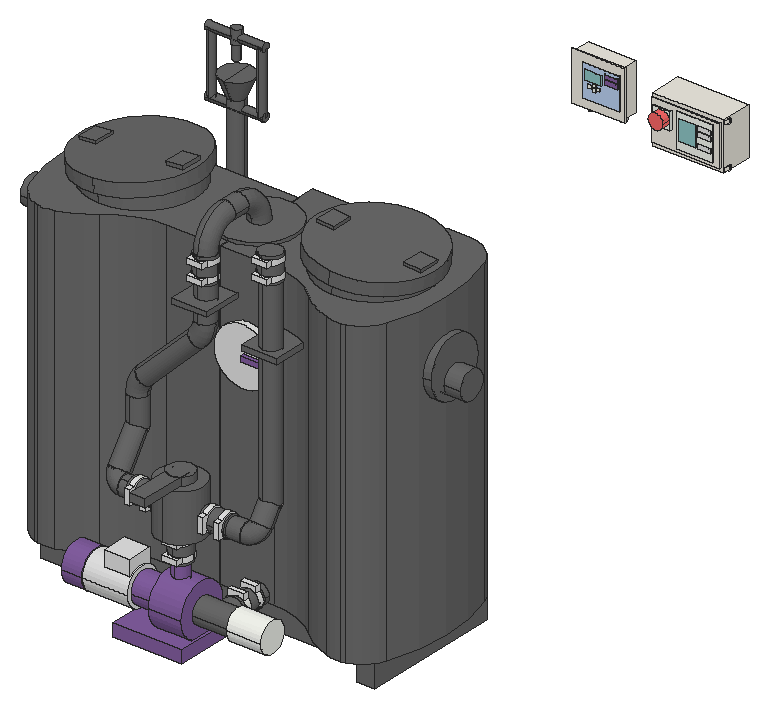
Revit family "93002.02_ms", category Generic Models, Revit 2021
Family settings
  Can host rebar = No
  Round Connector Dimension = Use Diameter
  Part Type = Normal
  Work Plane-Based = No
  Always vertical = Yes
  Cut with Voids When Loaded = No
  Shared = Yes
  Room Calculation Point = No
Parameters (values of type "93002.02_MS")
  SUPPLIER = "KESSEL"
  SA810ID06 = "4026092065013"
  SA810ID03 = "93002.02/MS"
  SA71009ID06 = 3000 W
  SA71009ID05 = 3600 W
  SA71009ID04 = 1
  SA700ID17 = 1055 mm
  SA700ID14 = "ohne Angabe"
  SA700ID13 = 70 mm
  SA700ID09 = 1458 mm
  SA700ID08 = 680 mm
  SA700ID07 = 1500 mm
  SA700ID06 = 200
  SA700ID05 = 2
  SA700ID04 = "Grease separator EasyClean free NS 2, Mix & Pump, SonicControl"
  SA500ID03 = "Sludge trap, integrated"
  SA400ID03 = "PE (Polyethylen)"
  SA250ID03 = "temperierte Umhausung"
  SA200ID03 = "free-standing set-up"
  SA100ID04 = "Abscheideranlage für Fette (Schlammfang und Fettabscheider)"
  PROCUREWEBLINK = "https://p.caden.as/kessel/93002.02%2FMS"
  PROCURELINK = "p.caden.as/kessel/93002.02%2FMS"
  PROCUREDATALASTUPDATE = "2024-05-22T12:18:14.168539057+01:00"
  PRC_SPECIFICATIONLINK = "https://ausschreiben.de/catalog/kessel/catalogItem/4a01b608-8c46-4a57-96a5-b04af733ebcd"
  NN = "EasyClean free Mix & Pump grease separator"
  NBSYN = "$SA810ID03."
  NB = "93002.02/MS"
  Model = "93002.02/MS"
  Manufacturer = "KESSEL"
  MIdent = "{$CADENAS_DATA/23d-libs/kessel/kessel_vdi_import/40/abscheideranlage20fuer20fette/easyclean_free_mix_pump.prj},210 {STYP=ASS},{VTYP=3D},{NB=93002.02/MS},{LINA=93002.02/MS},{NN=EasyClean free Mix & Pump grease separator},{DATE=21.12.2022 12:04:43},{GEOMDATE=17.11.2022 09:57:07},{VERSION=},{LINEID=160},{WBVAR=},{WBNUMERIC=}  {NB=93002.02/MS},{LINA=93002.02/MS},{KT=DUMMY},{PREVIEW=../../bilder/ksb_w_9300202ms.png},{SA700ID04=Fettabscheider EasyClean free NS 2, Mix & Pump, SonicControl},{SA810ID06=4026092065013},{SA010ID04=KESSEL AG},{SA810ID03=93002.02/MS},{SA100ID04=Abscheideranlage für Fette (Schlammfang und Fettabscheider)},{SA200ID03=Freiaufstellung},{SA400ID03=PE (Polyethylen)},{SA500ID03=Schlammfang integriert},{SA700ID05=2.00},{SA700ID06=200},{SA71009ID04=1},{SA71009ID05=3.60},{SA71009ID06=3.00},{SA250ID03=temperierte Umhausung},{SA700ID07=1500},{SA700ID09=1458},{SA700ID13=70},{SA700ID17=1055},{SA700ID08=680},{SA810ID10=\\\"Der Abscheider für fetthaltiges Abwasser ist für die freie Aufstellung in frostgeschützten Räumen geeignet und verzichtet auf metallische Bauteile im Behälter. Der Sammelbehälter aus dauerhaft beständigem Kunststoff (PE) ist mit einem integrierten Schlammfang ausgestattet und besitzt ein konisch zulaufendes Bodenteil für eine schnelle und saubere Entsorgung. Zwei geruchsdichte Deckel mit Schnellspannverschlüssen ermöglichen einen einfachen Zugang für Reinigungs- und Wartungsarbeiten.Das innovative Schredder-Mix-System mit integriertem Zerhacker übernimmt die Homogenisierung und Umwälzung des Behälterinhaltes. Die Reinigung und geruchsneutrale Entsorgung erfolgt dabei über eine außenliegende Pumpe mit 2-Wege-Ventil und Umschalthebel, die mit einem Absperrschieber vom Behälter getrennt werden kann. Nach der Entsorgung sind nur noch max. 3 Liter Schlammrestvolumen im Behälter vorhanden.Die manuelle Steuerung erfolgt durch ein anwenderfreundliches Schaltgerät, das über einen potentialfreien Kontakt in die Gebäudeleittechnik eingebunden werden kann.Gewährleistung auf den Werkstoff PE 20 Jahre.Ausführung:Absperreinrichtung: jaEntsorgungsart: manuelles Entsorgungs- und ReinigungssystemEntsorgungseinrichtung: EntsorgungspumpeEntsorgungsvariante: Mix & PumpFülleinrichtung nach DIN 1988: jaNenngröße (NS): 2Schauglas: jaSchredder-Mix-System: jaSonicControl: jaWasserversorgung: 1 Schraubventil 1\\\"\\\"Tragfähigkeit (DIN 19901): F3Lieferumfang: Storz-B-Kupplung R 2 1/2 \\\"\\\" für SaugwagenanschlussEinbausituation: freie AufstellungAllgemeine Merkmale:Material: PENorm: EN 1825: 2004, DIN 4040-100Abmessungen:Aufstellfläche Länge: 1.736 mmAufstellfläche Breite: 841 mmAufstellfläche Höhe: 1.767 mmEinbringmaß Länge: 1.500 mmEinbringmaß Breite: 680 mmEinbringmaß Höhe: 1.458 mmBehälter/Grundkörper:Zulauf Nennweite (DN): 100 mmZulauf Nennweite (DA): 110 mmAuslauf Nennweite (DN): 100Auslauf Nennweite (DA): 110Abstand Rohrsohle Zulauf zu Behälterboden: 1.055 mmAbstand Rohrsohle Auslauf zu Behälterboden: 985 mmAnschluss Zu-/Auslaufstutzen: PE-HD-Rohre nach DIN 19537, HT-Rohre nach DIN 19560, PP oder ASDruckabgang (DA): 75 mmDruckabgang (DN): 65 mmNenndruck (PN): 10Abdeckungsmerkmale:Abdeckungsart: DeckelAbdeckung Material: KunststoffAbdeckung Farbe: violettDichtheit: geruchsdichtVerriegelung: SchnellspannverschlussAbwasserinhalt:Abscheiderinhalt: 400 lGesamtvolumen: 600 lSchlammfanginhalt: 200 lSpeichermenge an Fett: 100 lFördereinrichtung:Pumpe: SPF 300 KE 2.0Anzahl Pumpen: 1Förderhöhe max.: 17 mFörderleistung max.: 60 m3/hBetriebsspannung: 400 VNetzfrequenz: 50 HzBetriebsart: S2 - 30 Min.Leistung P1: 3,6 kWLeistung P2: 3 kWDrehzahl: 2.850 U/minErforderliche Absicherung (Leitungsschutz): Absicherung über Schaltgerät 400 VFörderguttemperatur (dauerhaft) max.: 40 °CAnschlusstyp: DirektanschlussGewicht: 44 kgLaufrad Typ: Radiallaufrad mit ZerhackerLänge Netzanschlussleitung Pumpe: 5 mNennstrom: 6,2 ASchutzart Pumpe: IP 55Schutzklasse: ITyp Anschlussleitung Pumpe: H07RN-F 7G 1,5 mm2Temperaturüberwachung: integriertSteuerung:Schaltgerät: jaBetriebsspannung: 400 VNetzfrequenz: 50 HzSelbstdiagnosesystem (SDS): jaBatteriepufferung: neinMehrzeilige Displayanzeige: neinLogbuchfunktion: neinUSB-Schnittstelle: neinGSM-Schnittstelle: neinPotentialfreier Kontakt: jaErforderliche Absicherung (Leitungsschutz): 3 x C 16 AErforderliche Absicherung (RCD): 30 mAMotorschutz Schalter: jaSchutzart Schaltgerät: IP 54\\\"},{SA700ID14=ohne Angabe},{LODLEVEL=0},{CATEGORY3AA=},{CATEGORY3AB=EasyClean free Mix & Pump},{CATEGORY3AC=},{CATEGORY3AD=},{CATEGORY3AE=},{CATEGORY3AF=},{BEZEICHNUNG=},{BREITE=0.0},{TIEFE=MIN},{HOEHE=MIN},{MASSE=MIN},{LOD_=0,'Low'},{LOD_DEU=0,'Low'},{LOD_3DB=93002.02/MS_0},{DNIN1=100},{DNIN2=10},{DNIN3=10},{DNIN4=10},{DNIN5=MIN},{DNIN6=MIN},{DNIN7=MIN},{DNOUT1=100},{DNOUT2=50},{ISD=80},{ISD2=10},{SA960ID03=95},{SA960ID04=3L},{SA960ID08=http://www.kessel.de/info?han=93002.02/MS},{SA010ID01=010},{SA010ID02=40},{SA010ID06=www.kessel.de},{SA010ID08=4026092000007},{SA100ID01=100},{SA100ID02=1},{SA740ID01=740},{SA200ID01=200},{SA200ID02=1},{SA250ID01=250},{SA250ID02=1},{SA400ID01=400},{SA400ID02=1},{SA500ID01=500},{SA500ID02=1},{SA700ID01=700},{SA700ID02=95},{SA700ID14_=0},{SA71009ID01=710.09},{SA71009ID02=1},{SA71009ID03=SPF 300 KE 2.0},{SA71009ID07=IP55},{SA71009ID08=1},{SA71009ID09=1},{SA71009ID10=60},{SA71009ID11=17},{SA810ID01=810},{SA810ID02=95},{SA810ID04=93002.02/MS},{SA810ID07=95},{SA810ID14=PCE},{LINK=http://www.kessel.de/info?han=93002.02/MS},{LINK_=http://www.kessel.de/info?han=93002.02/MS},{LINK_DEU=http://www.kessel.de/info?han=93002.02/MS},{LODLEVELVIS=Low}"
  LINK = "http://www.kessel.de/info?han=93002.02/MS"
  LINA = "93002.02/MS"
  Default Elevation = 0 mm
  CREATOR = "CADENAS GmbH"
  CATALOG = "KESSEL"
  BOMINFO = "LINA"
  ARTICLENO = "NB"
Reference planes
  plane 1 "Center (Front/Back)": y = 0
  plane 2: z = 0
  plane 3 "Center (Left/Right)": x = 0
Dimensions and locks
  aligned and locked: level to plane 2
Nested families
  nested 1: "93002.02_ms_content" at (0, 0, 0), type "93002.02_MS_Content"
  nested 2: "93002.02_ms_part1_X0Y0" at (1000, 1000, 1500), type "93002.02_MS_PART1_X0Y0"
  nested 3: "93002.02_ms_part2_X0Y0" at (600, 1000, 1500), type "93002.02_MS_PART2_X0Y0"
  nested 4: "93002.02_ms_part3_X0Y0" at (0, 0, 0), type "93002.02_MS_PART3_X0Y0"
Connectors
  electrical at (910.5, 933.5, 1478)
    settings: on nested 2, index 1, voltage 0 V, apparent load 0 VA, apparent load phase1 0 VA, apparent load phase2 0 VA, apparent load phase3 0 VA, power factor 1, load classification "Other", number of poles 1, system type 31, power factor state 1, is connector primary yes, connector utility no, sub classification motor no, connector description ""
  electrical at (536, 972.5, 1469)
    settings: on nested 3, index 2, voltage 0 V, apparent load 0 VA, apparent load phase1 0 VA, apparent load phase2 0 VA, apparent load phase3 0 VA, power factor 1, load classification "Other", number of poles 1, system type 31, power factor state 1, is connector primary no, connector utility no, sub classification motor no, connector description ""
  piping at (-897.6, 0, 1113), diameter 100
    settings: on nested 4, index 3, connector inside diameter 609.6 mm, connector length 0 mm, flow factor 0, pipe flow 0.0 L/s, pressure drop 0.0 Pa, fitting loss kfactor 0, connector angle 0.00°, fixture units 0, engagement length 0 mm, angle of deflection 0.00°, flow configuration 0, flow direction 1, fitting loss method 2, system type 8, joint type 0, gender type 0, connector reference index -1, connector utility 0, adjustable connector no, is connector primary yes, connector description ""
  piping at (-305, 275, 1772.9), diameter 10
    settings: on nested 4, index 4, connector inside diameter 609.6 mm, connector length 0 mm, flow factor 0, pipe flow 0.0 L/s, pressure drop 0.0 Pa, fitting loss kfactor 0, connector angle 0.00°, fixture units 0, engagement length 0 mm, angle of deflection 0.00°, flow configuration 0, flow direction 1, fitting loss method 2, system type 8, joint type 0, gender type 0, connector reference index -1, connector utility 0, adjustable connector no, is connector primary no, connector description ""
  piping at (844, 0, 1030), diameter 100
    settings: on nested 4, index 5, connector inside diameter 609.6 mm, connector length 0 mm, flow factor 0, pipe flow 0.0 L/s, pressure drop 0.0 Pa, fitting loss kfactor 0, connector angle 0.00°, fixture units 0, engagement length 0 mm, angle of deflection 0.00°, flow configuration 0, flow direction 2, fitting loss method 2, system type 7, joint type 0, gender type 0, connector reference index -1, connector utility 0, adjustable connector no, is connector primary no, connector description ""
  piping at (290, -301.5, 1445.5), diameter 50
    settings: on nested 4, index 6, connector inside diameter 609.6 mm, connector length 0 mm, flow factor 0, pipe flow 0.0 L/s, pressure drop 0.0 Pa, fitting loss kfactor 0, connector angle 0.00°, fixture units 0, engagement length 0 mm, angle of deflection 0.00°, flow configuration 0, flow direction 2, fitting loss method 2, system type 7, joint type 0, gender type 0, connector reference index -1, connector utility 0, adjustable connector no, is connector primary no, connector description ""
  electrical at (-212, -383, 248.5)
    settings: on nested 4, index 7, voltage 0 V, apparent load 0 VA, apparent load phase1 0 VA, apparent load phase2 0 VA, apparent load phase3 0 VA, power factor 1, load classification "Other", number of poles 1, system type 31, power factor state 1, is connector primary no, connector utility no, sub classification motor no, connector description ""
Definition of nested family "93002.02_ms_part1_X0Y0"
  Parameters (values of type "93002.02_MS_PART1_X0Y0")
    SUPPLIER = "KESSEL"
    SA810ID06 = "4026092065013"
    SA810ID03 = "93002.02/MS"
    SA71009ID06 = 3000 W
    SA71009ID05 = 3600 W
    SA71009ID04 = 1
    SA700ID17 = 1055 mm
    SA700ID14 = "ohne Angabe"
    SA700ID13 = 70 mm
    SA700ID09 = 1458 mm
    SA700ID08 = 680 mm
    SA700ID07 = 1500 mm
    SA700ID06 = 200
    SA700ID05 = 2
    SA700ID04 = "Grease separator EasyClean free NS 2, Mix & Pump, SonicControl"
    SA500ID03 = "Sludge trap, integrated"
    SA400ID03 = "PE (Polyethylen)"
    SA250ID03 = "temperierte Umhausung"
    SA200ID03 = "free-standing set-up"
    SA100ID04 = "Abscheideranlage für Fette (Schlammfang und Fettabscheider)"
    NBSYN = "$SA810ID03._PART1"
    NB = "93002.02/MS_PART1"
    Model = "93002.02/MS_PART1"
    Manufacturer = "KESSEL"
    MIdent = "{$CADENAS_DATA/23d-libs/kessel/kessel_vdi_import/40/abscheideranlage20fuer20fette/easyclean_free_mix_pump.prj},230 {VTYP=3D},{NB=93002.02/MS_PART1},{LINA=93002.02/MS_PART1},{NN=EasyClean free Mix & Pump grease separator_PART1},{NOPRJ=TRUE},{DATE=21.12.2022 12:04:43},{GEOMDATE=17.11.2022 09:57:07},{VERSION=},{LINEID=160},{WBVAR=},{WBNUMERIC=}  {NB=93002.02/MS_PART1},{LINA=93002.02/MS_PART1},{KT=DUMMY},{PREVIEW=../../bilder/ksb_w_9300202ms.png},{SA700ID04=Fettabscheider EasyClean free NS 2, Mix & Pump, SonicControl},{SA810ID06=4026092065013},{SA010ID04=KESSEL AG},{SA810ID03=93002.02/MS},{SA100ID04=Abscheideranlage für Fette (Schlammfang und Fettabscheider)},{SA200ID03=Freiaufstellung},{SA400ID03=PE (Polyethylen)},{SA500ID03=Schlammfang integriert},{SA700ID05=2.00},{SA700ID06=200},{SA71009ID04=1},{SA71009ID05=3.60},{SA71009ID06=3.00},{SA250ID03=temperierte Umhausung},{SA700ID07=1500},{SA700ID09=1458},{SA700ID13=70},{SA700ID17=1055},{SA700ID08=680},{SA810ID10=\\\"Der Abscheider für fetthaltiges Abwasser ist für die freie Aufstellung in frostgeschützten Räumen geeignet und verzichtet auf metallische Bauteile im Behälter. Der Sammelbehälter aus dauerhaft beständigem Kunststoff (PE) ist mit einem integrierten Schlammfang ausgestattet und besitzt ein konisch zulaufendes Bodenteil für eine schnelle und saubere Entsorgung. Zwei geruchsdichte Deckel mit Schnellspannverschlüssen ermöglichen einen einfachen Zugang für Reinigungs- und Wartungsarbeiten.Das innovative Schredder-Mix-System mit integriertem Zerhacker übernimmt die Homogenisierung und Umwälzung des Behälterinhaltes. Die Reinigung und geruchsneutrale Entsorgung erfolgt dabei über eine außenliegende Pumpe mit 2-Wege-Ventil und Umschalthebel, die mit einem Absperrschieber vom Behälter getrennt werden kann. Nach der Entsorgung sind nur noch max. 3 Liter Schlammrestvolumen im Behälter vorhanden.Die manuelle Steuerung erfolgt durch ein anwenderfreundliches Schaltgerät, das über einen potentialfreien Kontakt in die Gebäudeleittechnik eingebunden werden kann.Gewährleistung auf den Werkstoff PE 20 Jahre.Ausführung:Absperreinrichtung: jaEntsorgungsart: manuelles Entsorgungs- und ReinigungssystemEntsorgungseinrichtung: EntsorgungspumpeEntsorgungsvariante: Mix & PumpFülleinrichtung nach DIN 1988: jaNenngröße (NS): 2Schauglas: jaSchredder-Mix-System: jaSonicControl: jaWasserversorgung: 1 Schraubventil 1\\\"\\\"Tragfähigkeit (DIN 19901): F3Lieferumfang: Storz-B-Kupplung R 2 1/2 \\\"\\\" für SaugwagenanschlussEinbausituation: freie AufstellungAllgemeine Merkmale:Material: PENorm: EN 1825: 2004, DIN 4040-100Abmessungen:Aufstellfläche Länge: 1.736 mmAufstellfläche Breite: 841 mmAufstellfläche Höhe: 1.767 mmEinbringmaß Länge: 1.500 mmEinbringmaß Breite: 680 mmEinbringmaß Höhe: 1.458 mmBehälter/Grundkörper:Zulauf Nennweite (DN): 100 mmZulauf Nennweite (DA): 110 mmAuslauf Nennweite (DN): 100Auslauf Nennweite (DA): 110Abstand Rohrsohle Zulauf zu Behälterboden: 1.055 mmAbstand Rohrsohle Auslauf zu Behälterboden: 985 mmAnschluss Zu-/Auslaufstutzen: PE-HD-Rohre nach DIN 19537, HT-Rohre nach DIN 19560, PP oder ASDruckabgang (DA): 75 mmDruckabgang (DN): 65 mmNenndruck (PN): 10Abdeckungsmerkmale:Abdeckungsart: DeckelAbdeckung Material: KunststoffAbdeckung Farbe: violettDichtheit: geruchsdichtVerriegelung: SchnellspannverschlussAbwasserinhalt:Abscheiderinhalt: 400 lGesamtvolumen: 600 lSchlammfanginhalt: 200 lSpeichermenge an Fett: 100 lFördereinrichtung:Pumpe: SPF 300 KE 2.0Anzahl Pumpen: 1Förderhöhe max.: 17 mFörderleistung max.: 60 m3/hBetriebsspannung: 400 VNetzfrequenz: 50 HzBetriebsart: S2 - 30 Min.Leistung P1: 3,6 kWLeistung P2: 3 kWDrehzahl: 2.850 U/minErforderliche Absicherung (Leitungsschutz): Absicherung über Schaltgerät 400 VFörderguttemperatur (dauerhaft) max.: 40 °CAnschlusstyp: DirektanschlussGewicht: 44 kgLaufrad Typ: Radiallaufrad mit ZerhackerLänge Netzanschlussleitung Pumpe: 5 mNennstrom: 6,2 ASchutzart Pumpe: IP 55Schutzklasse: ITyp Anschlussleitung Pumpe: H07RN-F 7G 1,5 mm2Temperaturüberwachung: integriertSteuerung:Schaltgerät: jaBetriebsspannung: 400 VNetzfrequenz: 50 HzSelbstdiagnosesystem (SDS): jaBatteriepufferung: neinMehrzeilige Displayanzeige: neinLogbuchfunktion: neinUSB-Schnittstelle: neinGSM-Schnittstelle: neinPotentialfreier Kontakt: jaErforderliche Absicherung (Leitungsschutz): 3 x C 16 AErforderliche Absicherung (RCD): 30 mAMotorschutz Schalter: jaSchutzart Schaltgerät: IP 54\\\"},{SA700ID14=ohne Angabe},{LODLEVEL=0},{CATEGORY3AA=},{CATEGORY3AB=EasyClean free Mix & Pump},{CATEGORY3AC=},{CATEGORY3AD=},{CATEGORY3AE=},{CATEGORY3AF=},{BEZEICHNUNG=},{BREITE=0.0},{TIEFE=MIN},{HOEHE=MIN},{MASSE=MIN},{LOD_=0,'Low'},{LOD_DEU=0,'Low'},{LOD_3DB=93002.02/MS_0},{DNIN1=100},{DNIN2=10},{DNIN3=10},{DNIN4=10},{DNIN5=MIN},{DNIN6=MIN},{DNIN7=MIN},{DNOUT1=100},{DNOUT2=50},{ISD=80},{ISD2=10},{SA960ID03=95},{SA960ID04=3L},{SA960ID08=http://www.kessel.de/info?han=93002.02/MS},{SA010ID01=010},{SA010ID02=40},{SA010ID06=www.kessel.de},{SA010ID08=4026092000007},{SA100ID01=100},{SA100ID02=1},{SA740ID01=740},{SA200ID01=200},{SA200ID02=1},{SA250ID01=250},{SA250ID02=1},{SA400ID01=400},{SA400ID02=1},{SA500ID01=500},{SA500ID02=1},{SA700ID01=700},{SA700ID02=95},{SA700ID14_=0},{SA71009ID01=710.09},{SA71009ID02=1},{SA71009ID03=SPF 300 KE 2.0},{SA71009ID07=IP55},{SA71009ID08=1},{SA71009ID09=1},{SA71009ID10=60},{SA71009ID11=17},{SA810ID01=810},{SA810ID02=95},{SA810ID04=93002.02/MS},{SA810ID07=95},{SA810ID14=PCE},{LINK=http://www.kessel.de/info?han=93002.02/MS},{LINK_=http://www.kessel.de/info?han=93002.02/MS},{LINK_DEU=http://www.kessel.de/info?han=93002.02/MS},{LODLEVELVIS=Low}"
    LINK = "http://www.kessel.de/info?han=93002.02/MS"
    LINA = "93002.02/MS_PART1"
    Default Elevation = 1219.2 mm
    CREATOR = "CADENAS GmbH"
    CATALOG = "KESSEL"
    BOMINFO = "LINA"
    ARTICLENO = "NB"
  Reference planes
    plane 1 "Center (Front/Back)": y = 0
    plane 2: z = 0
    plane 3 "Center (Left/Right)": x = 0
  Dimensions and locks
    aligned and locked: level to plane 2
  Nested families
    nested 1: "93002.02_ms_part1_content" at (0, 0, 0), type "93002.02_MS_PART1_Content"
  Definition of nested family "93002.02_ms_part1_content"
    Parameters (values of type "93002.02_MS_PART1_Content")
      SUPPLIER = "KESSEL"
      SA810ID06 = "4026092065013"
      SA810ID03 = "93002.02/MS"
      SA71009ID06 = 3000 W
      SA71009ID05 = 3600 W
      SA71009ID04 = 1
      SA700ID17 = 1055 mm
      SA700ID14 = "ohne Angabe"
      SA700ID13 = 70 mm
      SA700ID09 = 1458 mm
      SA700ID08 = 680 mm
      SA700ID07 = 1500 mm
      SA700ID06 = 200
      SA700ID05 = 2
      SA700ID04 = "Grease separator EasyClean free NS 2, Mix & Pump, SonicControl"
      SA500ID03 = "Sludge trap, integrated"
      SA400ID03 = "PE (Polyethylen)"
      SA250ID03 = "temperierte Umhausung"
      SA200ID03 = "free-standing set-up"
      SA100ID04 = "Abscheideranlage für Fette (Schlammfang und Fettabscheider)"
      NBSYN = "$SA810ID03._PART1"
      NB = "93002.02/MS_PART1"
      Model = "93002.02/MS_PART1"
      Manufacturer = "KESSEL"
      LINK = "http://www.kessel.de/info?han=93002.02/MS"
      LINA = "93002.02/MS_PART1"
      Default Elevation = 1219.2 mm
      CREATOR = "CADENAS GmbH"
      CATALOG = "KESSEL"
      BOMINFO = "LINA"
      ARTICLENO = "NB"
    Reference planes
      plane 1 "Center (Front/Back)": y = 0
      plane 2: z = 0
      plane 3 "Center (Left/Right)": x = 0
    Forms (mm)
      Extrusion 1, solid, detail levels medium+fine
        sketch origin (139, 0, 0) x (0, -1, 0) y (0, 0, 1)
          loop
            line (0, 188) -> (0, 0) -> (122.5, 0) -> (122.5, 188) -> (0, 188)
        from 0 to 278
      Extrusion 2, solid, detail levels medium+fine
        sketch origin (130, -122.5, 14) x (0, -1, 0) y (0, 0, 1)
          loop
            line (0, 160) -> (0, 0) -> (5, 0) -> (5, 160) -> (0, 160)
        from 0 to 269
      Extrusion 3, solid, detail levels medium+fine
        sketch origin (100, -127.5, 26) x (0, -1, 0) y (0, 0, 1)
          loop
            line (-1.5, 135) -> (-1.5, 0) -> (0.2, 0) -> (0.2, 135) -> (-1.5, 135)
        from 0 to 140
      Extrusion 4, solid, detail levels medium+fine
        sketch origin (32.5, -127.7, 55) x (0, -1, 0) y (0, 0, 1)
          loop
            line (-1.5, 79) -> (-1.5, 0) -> (0.1, 0) -> (0.1, 79) -> (-1.5, 79)
        from 0 to 65
      Extrusion 5, solid, detail levels medium+fine
        sketch origin (92.5, -127.7, 97) x (0, -1, 0) y (0, 0, 1)
          loop
            line (-1.5, 16) -> (-1.5, 0) -> (0.1, 0) -> (0.1, 16) -> (-1.5, 16)
        from 0 to 51
      Extrusion 6, solid, detail levels medium+fine
        sketch origin (92.5, -127.7, 55) x (0, -1, 0) y (0, 0, 1)
          loop
            line (-1.5, 16) -> (-1.5, 0) -> (0.1, 0) -> (0.1, 16) -> (-1.5, 16)
        from 0 to 51
      Extrusion 7, solid, detail levels medium+fine
        sketch origin (92.5, -127.7, 118) x (0, -1, 0) y (0, 0, 1)
          loop
            line (-1.5, 16) -> (-1.5, 0) -> (0.1, 0) -> (0.1, 16) -> (-1.5, 16)
        from 0 to 51
      Extrusion 8, solid, detail levels medium+fine
        sketch origin (0.25, -66.5, 1.5) x (0.866025, 0.5, 0) y (0.5, -0.866025, 0)
          loop
            circle (0, 0) r 10
        from 0 to 2.5
      Extrusion 9, solid, detail levels medium+fine
        sketch origin (-63, -127.5, 84) x (0, -1, 0) y (0, 0, 1)
          loop
            line (0, 67) -> (0, 0) -> (7, 0) -> (7, 67) -> (0, 67)
        from 0 to 67
      Extrusion 10, solid, detail levels medium+fine
        sketch origin (-96.5, -134.5, 117.5) x (1, 0, 0) y (0, 0, 1)
          loop
            circle (0, 0) r 29.5
        from 0 to 29
      Extrusion 11, solid, detail levels medium+fine
        sketch origin (30.25, -66.5, 1.5) x (0.866025, 0.5, 0) y (0.5, -0.866025, 0)
          loop
            circle (0, 0) r 10
        from 0 to 2.5
      Extrusion 12, solid, detail levels medium+fine
        sketch origin (60.25, -66.5, 1.5) x (0.866025, 0.5, 0) y (0.5, -0.866025, 0)
          loop
            circle (0, 0) r 10
        from 0 to 2.5
      Extrusion 13, solid, detail levels medium+fine
        sketch origin (-44.5, -66.5, 0) x (0.866025, 0.5, 0) y (0.5, -0.866025, 0)
          loop
            line (0, 17.321) -> (-15, 8.66) -> (-15, -8.66) -> (0, -17.321) -> (15, -8.66) -> (15, 8.66) -> (0, 17.321)
        from 0 to 22
      Extrusion 14, solid, detail levels medium+fine
        sketch origin (-89.5, -66.5, 0) x (0.866025, 0.5, 0) y (0.5, -0.866025, 0)
          loop
            line (0, 17.321) -> (-15, 8.66) -> (-15, -8.66) -> (0, -17.321) -> (15, -8.66) -> (15, 8.66) -> (0, 17.321)
        from 0 to 22
      Extrusion 15, solid, detail levels medium+fine
        sketch origin (-128, 0, 177) x (-1, 0, 0) y (0, 0, 1)
          loop
            circle (0, 0) r 7.5
        from 0 to 2
      Extrusion 16, solid, detail levels medium+fine
        sketch origin (-128, 0, 11) x (-1, 0, 0) y (0, 0, 1)
          loop
            circle (0, 0) r 7.5
        from 0 to 2
      Extrusion 17, solid, detail levels medium+fine
        sketch origin (128, 0, 11) x (-1, 0, 0) y (0, 0, 1)
          loop
            circle (0, 0) r 7.5
        from 0 to 2
      Extrusion 18, solid, detail levels medium+fine
        sketch origin (128, 0, 177) x (-1, 0, 0) y (0, 0, 1)
          loop
            circle (0, 0) r 7.5
        from 0 to 2
      Extrusion 19, solid, detail levels medium+fine
        sketch origin (143.5, -100.5, 170) x (-1, 0, 0) y (0, -1, 0)
          loop
            circle (0, 0) r 5
        from 0 to 14
      Extrusion 20, solid, detail levels medium+fine
        sketch origin (139, -100.5, 170) x (0, -1, 0) y (1, 0, 0)
          loop
            line (0, 9.5) -> (0, 0) -> (20, 0) -> (0, 9.5)
        from 0 to 14
      Extrusion 21, solid, detail levels medium+fine
        sketch origin (143.5, -100.5, 4) x (-1, 0, 0) y (0, -1, 0)
          loop
            circle (0, 0) r 5
        from 0 to 14
      Extrusion 22, solid, detail levels medium+fine
        sketch origin (139, -100.5, 4) x (0, -1, 0) y (1, 0, 0)
          loop
            line (0, 9.5) -> (0, 0) -> (20, 0) -> (0, 9.5)
        from 0 to 14
      Extrusion 23, solid, detail levels coarse
        sketch origin (4.75, -80.75, -22) x (1, 0, 0) y (0, 1, 0)
          loop
            line (-143.75, -82.75) -> (143.75, -82.75) -> (143.75, 82.75) -> (-143.75, 82.75) -> (-143.75, -82.75)
        from 0 to 210
    Dimensions and locks
      aligned and locked: level to plane 2
Definition of nested family "93002.02_ms_part2_X0Y0"
  Parameters (values of type "93002.02_MS_PART2_X0Y0")
    SUPPLIER = "KESSEL"
    SA810ID06 = "4026092065013"
    SA810ID03 = "93002.02/MS"
    SA71009ID06 = 3000 W
    SA71009ID05 = 3600 W
    SA71009ID04 = 1
    SA700ID17 = 1055 mm
    SA700ID14 = "ohne Angabe"
    SA700ID13 = 70 mm
    SA700ID09 = 1458 mm
    SA700ID08 = 680 mm
    SA700ID07 = 1500 mm
    SA700ID06 = 200
    SA700ID05 = 2
    SA700ID04 = "Grease separator EasyClean free NS 2, Mix & Pump, SonicControl"
    SA500ID03 = "Sludge trap, integrated"
    SA400ID03 = "PE (Polyethylen)"
    SA250ID03 = "temperierte Umhausung"
    SA200ID03 = "free-standing set-up"
    SA100ID04 = "Abscheideranlage für Fette (Schlammfang und Fettabscheider)"
    NBSYN = "$SA810ID03._PART2"
    NB = "93002.02/MS_PART2"
    Model = "93002.02/MS_PART2"
    Manufacturer = "KESSEL"
    MIdent = "{$CADENAS_DATA/23d-libs/kessel/kessel_vdi_import/40/abscheideranlage20fuer20fette/easyclean_free_mix_pump.prj},230 {VTYP=3D},{NB=93002.02/MS_PART2},{LINA=93002.02/MS_PART2},{NN=EasyClean free Mix & Pump grease separator_PART2},{NOPRJ=TRUE},{DATE=21.12.2022 12:04:43},{GEOMDATE=17.11.2022 09:57:07},{VERSION=},{LINEID=160},{WBVAR=},{WBNUMERIC=}  {NB=93002.02/MS_PART2},{LINA=93002.02/MS_PART2},{KT=DUMMY},{PREVIEW=../../bilder/ksb_w_9300202ms.png},{SA700ID04=Fettabscheider EasyClean free NS 2, Mix & Pump, SonicControl},{SA810ID06=4026092065013},{SA010ID04=KESSEL AG},{SA810ID03=93002.02/MS},{SA100ID04=Abscheideranlage für Fette (Schlammfang und Fettabscheider)},{SA200ID03=Freiaufstellung},{SA400ID03=PE (Polyethylen)},{SA500ID03=Schlammfang integriert},{SA700ID05=2.00},{SA700ID06=200},{SA71009ID04=1},{SA71009ID05=3.60},{SA71009ID06=3.00},{SA250ID03=temperierte Umhausung},{SA700ID07=1500},{SA700ID09=1458},{SA700ID13=70},{SA700ID17=1055},{SA700ID08=680},{SA810ID10=\\\"Der Abscheider für fetthaltiges Abwasser ist für die freie Aufstellung in frostgeschützten Räumen geeignet und verzichtet auf metallische Bauteile im Behälter. Der Sammelbehälter aus dauerhaft beständigem Kunststoff (PE) ist mit einem integrierten Schlammfang ausgestattet und besitzt ein konisch zulaufendes Bodenteil für eine schnelle und saubere Entsorgung. Zwei geruchsdichte Deckel mit Schnellspannverschlüssen ermöglichen einen einfachen Zugang für Reinigungs- und Wartungsarbeiten.Das innovative Schredder-Mix-System mit integriertem Zerhacker übernimmt die Homogenisierung und Umwälzung des Behälterinhaltes. Die Reinigung und geruchsneutrale Entsorgung erfolgt dabei über eine außenliegende Pumpe mit 2-Wege-Ventil und Umschalthebel, die mit einem Absperrschieber vom Behälter getrennt werden kann. Nach der Entsorgung sind nur noch max. 3 Liter Schlammrestvolumen im Behälter vorhanden.Die manuelle Steuerung erfolgt durch ein anwenderfreundliches Schaltgerät, das über einen potentialfreien Kontakt in die Gebäudeleittechnik eingebunden werden kann.Gewährleistung auf den Werkstoff PE 20 Jahre.Ausführung:Absperreinrichtung: jaEntsorgungsart: manuelles Entsorgungs- und ReinigungssystemEntsorgungseinrichtung: EntsorgungspumpeEntsorgungsvariante: Mix & PumpFülleinrichtung nach DIN 1988: jaNenngröße (NS): 2Schauglas: jaSchredder-Mix-System: jaSonicControl: jaWasserversorgung: 1 Schraubventil 1\\\"\\\"Tragfähigkeit (DIN 19901): F3Lieferumfang: Storz-B-Kupplung R 2 1/2 \\\"\\\" für SaugwagenanschlussEinbausituation: freie AufstellungAllgemeine Merkmale:Material: PENorm: EN 1825: 2004, DIN 4040-100Abmessungen:Aufstellfläche Länge: 1.736 mmAufstellfläche Breite: 841 mmAufstellfläche Höhe: 1.767 mmEinbringmaß Länge: 1.500 mmEinbringmaß Breite: 680 mmEinbringmaß Höhe: 1.458 mmBehälter/Grundkörper:Zulauf Nennweite (DN): 100 mmZulauf Nennweite (DA): 110 mmAuslauf Nennweite (DN): 100Auslauf Nennweite (DA): 110Abstand Rohrsohle Zulauf zu Behälterboden: 1.055 mmAbstand Rohrsohle Auslauf zu Behälterboden: 985 mmAnschluss Zu-/Auslaufstutzen: PE-HD-Rohre nach DIN 19537, HT-Rohre nach DIN 19560, PP oder ASDruckabgang (DA): 75 mmDruckabgang (DN): 65 mmNenndruck (PN): 10Abdeckungsmerkmale:Abdeckungsart: DeckelAbdeckung Material: KunststoffAbdeckung Farbe: violettDichtheit: geruchsdichtVerriegelung: SchnellspannverschlussAbwasserinhalt:Abscheiderinhalt: 400 lGesamtvolumen: 600 lSchlammfanginhalt: 200 lSpeichermenge an Fett: 100 lFördereinrichtung:Pumpe: SPF 300 KE 2.0Anzahl Pumpen: 1Förderhöhe max.: 17 mFörderleistung max.: 60 m3/hBetriebsspannung: 400 VNetzfrequenz: 50 HzBetriebsart: S2 - 30 Min.Leistung P1: 3,6 kWLeistung P2: 3 kWDrehzahl: 2.850 U/minErforderliche Absicherung (Leitungsschutz): Absicherung über Schaltgerät 400 VFörderguttemperatur (dauerhaft) max.: 40 °CAnschlusstyp: DirektanschlussGewicht: 44 kgLaufrad Typ: Radiallaufrad mit ZerhackerLänge Netzanschlussleitung Pumpe: 5 mNennstrom: 6,2 ASchutzart Pumpe: IP 55Schutzklasse: ITyp Anschlussleitung Pumpe: H07RN-F 7G 1,5 mm2Temperaturüberwachung: integriertSteuerung:Schaltgerät: jaBetriebsspannung: 400 VNetzfrequenz: 50 HzSelbstdiagnosesystem (SDS): jaBatteriepufferung: neinMehrzeilige Displayanzeige: neinLogbuchfunktion: neinUSB-Schnittstelle: neinGSM-Schnittstelle: neinPotentialfreier Kontakt: jaErforderliche Absicherung (Leitungsschutz): 3 x C 16 AErforderliche Absicherung (RCD): 30 mAMotorschutz Schalter: jaSchutzart Schaltgerät: IP 54\\\"},{SA700ID14=ohne Angabe},{LODLEVEL=0},{CATEGORY3AA=},{CATEGORY3AB=EasyClean free Mix & Pump},{CATEGORY3AC=},{CATEGORY3AD=},{CATEGORY3AE=},{CATEGORY3AF=},{BEZEICHNUNG=},{BREITE=0.0},{TIEFE=MIN},{HOEHE=MIN},{MASSE=MIN},{LOD_=0,'Low'},{LOD_DEU=0,'Low'},{LOD_3DB=93002.02/MS_0},{DNIN1=100},{DNIN2=10},{DNIN3=10},{DNIN4=10},{DNIN5=MIN},{DNIN6=MIN},{DNIN7=MIN},{DNOUT1=100},{DNOUT2=50},{ISD=80},{ISD2=10},{SA960ID03=95},{SA960ID04=3L},{SA960ID08=http://www.kessel.de/info?han=93002.02/MS},{SA010ID01=010},{SA010ID02=40},{SA010ID06=www.kessel.de},{SA010ID08=4026092000007},{SA100ID01=100},{SA100ID02=1},{SA740ID01=740},{SA200ID01=200},{SA200ID02=1},{SA250ID01=250},{SA250ID02=1},{SA400ID01=400},{SA400ID02=1},{SA500ID01=500},{SA500ID02=1},{SA700ID01=700},{SA700ID02=95},{SA700ID14_=0},{SA71009ID01=710.09},{SA71009ID02=1},{SA71009ID03=SPF 300 KE 2.0},{SA71009ID07=IP55},{SA71009ID08=1},{SA71009ID09=1},{SA71009ID10=60},{SA71009ID11=17},{SA810ID01=810},{SA810ID02=95},{SA810ID04=93002.02/MS},{SA810ID07=95},{SA810ID14=PCE},{LINK=http://www.kessel.de/info?han=93002.02/MS},{LINK_=http://www.kessel.de/info?han=93002.02/MS},{LINK_DEU=http://www.kessel.de/info?han=93002.02/MS},{LODLEVELVIS=Low}"
    LINK = "http://www.kessel.de/info?han=93002.02/MS"
    LINA = "93002.02/MS_PART2"
    Default Elevation = 1219.2 mm
    CREATOR = "CADENAS GmbH"
    CATALOG = "KESSEL"
    BOMINFO = "LINA"
    ARTICLENO = "NB"
  Reference planes
    plane 1 "Center (Front/Back)": y = 0
    plane 2: z = 0
    plane 3 "Center (Left/Right)": x = 0
  Dimensions and locks
    aligned and locked: level to plane 2
  Nested families
    nested 1: "93002.02_ms_part2_content" at (0, 0, 0), type "93002.02_MS_PART2_Content"
  Definition of nested family "93002.02_ms_part2_content"
    Parameters (values of type "93002.02_MS_PART2_Content")
      SUPPLIER = "KESSEL"
      SA810ID06 = "4026092065013"
      SA810ID03 = "93002.02/MS"
      SA71009ID06 = 3000 W
      SA71009ID05 = 3600 W
      SA71009ID04 = 1
      SA700ID17 = 1055 mm
      SA700ID14 = "ohne Angabe"
      SA700ID13 = 70 mm
      SA700ID09 = 1458 mm
      SA700ID08 = 680 mm
      SA700ID07 = 1500 mm
      SA700ID06 = 200
      SA700ID05 = 2
      SA700ID04 = "Grease separator EasyClean free NS 2, Mix & Pump, SonicControl"
      SA500ID03 = "Sludge trap, integrated"
      SA400ID03 = "PE (Polyethylen)"
      SA250ID03 = "temperierte Umhausung"
      SA200ID03 = "free-standing set-up"
      SA100ID04 = "Abscheideranlage für Fette (Schlammfang und Fettabscheider)"
      NBSYN = "$SA810ID03._PART2"
      NB = "93002.02/MS_PART2"
      Model = "93002.02/MS_PART2"
      Manufacturer = "KESSEL"
      LINK = "http://www.kessel.de/info?han=93002.02/MS"
      LINA = "93002.02/MS_PART2"
      Default Elevation = 1219.2 mm
      CREATOR = "CADENAS GmbH"
      CATALOG = "KESSEL"
      BOMINFO = "LINA"
      ARTICLENO = "NB"
    Reference planes
      plane 1 "Center (Front/Back)": y = 0
      plane 2: z = 0
      plane 3 "Center (Left/Right)": x = 0
    Forms (mm)
      Extrusion 1, solid, detail levels medium+fine
        sketch origin (94, 0, 5) x (0, -1, 0) y (0, 0, 1)
          loop
            line (0, 184) -> (0, 0) -> (64.5, 0) -> (64.5, 184) -> (0, 184)
        from 0 to 188
      Extrusion 2, solid, detail levels medium+fine
        sketch origin (104, -64.5, 0) x (0, -1, 0) y (0, 0, 1)
          loop
            line (0, 194) -> (0, 0) -> (3.5, 0) -> (3.5, 194) -> (0, 194)
        from 0 to 208
      Extrusion 3, solid, detail levels medium+fine
        sketch origin (86.3, -68, 33.2) x (0, -1, 0) y (0, 0, 1)
          loop
            line (-0.5, 127) -> (-0.5, 0) -> (1, 0) -> (1, 127) -> (-0.5, 127)
        from 0 to 146
      Extrusion 4, solid, detail levels medium+fine
        sketch origin (6.8, -69, 77.2) x (0, -1, 0) y (0, 0, 1)
          loop
            line (-0.5, 12) -> (-0.5, 0) -> (1, 0) -> (1, 12) -> (-0.5, 12)
        from 0 to 12
      Extrusion 5, solid, detail levels medium+fine
        sketch origin (-9.7, -69, 85.45) x (0, -1, 0) y (0, 0, 1)
          loop
            line (-0.5, 12) -> (-0.5, 0) -> (1, 0) -> (1, 12) -> (-0.5, 12)
        from 0 to 12
      Extrusion 6, solid, detail levels medium+fine
        sketch origin (-9.7, -69, 68.95) x (0, -1, 0) y (0, 0, 1)
          loop
            line (-0.5, 12) -> (-0.5, 0) -> (1, 0) -> (1, 12) -> (-0.5, 12)
        from 0 to 12
      Extrusion 7, solid, detail levels medium+fine
        sketch origin (13.3, -69, 100.45) x (0, -1, 0) y (0, 0, 1)
          loop
            line (-0.5, 37) -> (-0.5, 0) -> (1, 0) -> (1, 37) -> (-0.5, 37)
        from 0 to 65
      Extrusion 8, solid, detail levels medium+fine
        sketch origin (78.8, -69, 110.7) x (0, -1, 0) y (0, 0, 1)
          loop
            line (-0.5, 16) -> (-0.5, 0) -> (1, 0) -> (1, 16) -> (-0.5, 16)
        from 0 to 51
      Extrusion 9, solid, detail levels medium+fine
        sketch origin (-26.2, -69, 77.2) x (0, -1, 0) y (0, 0, 1)
          loop
            line (-0.5, 12) -> (-0.5, 0) -> (1, 0) -> (1, 12) -> (-0.5, 12)
        from 0 to 12
      Extrusion 10, solid, detail levels medium+fine
        sketch origin (78.75, -69, 130.75) x (0, -1, 0) y (0, 0, 1)
          loop
            line (-0.5, 16) -> (-0.5, 0) -> (1, 0) -> (1, 16) -> (-0.5, 16)
        from 0 to 51
      Extrusion 11, solid, detail levels medium+fine
        sketch origin (-64, -27.5, 5) x (1, 0, 0) y (0, -1, 0)
          loop
            circle (0, 0) r 12
        from 0 to 26
      Extrusion 12, solid, detail levels medium+fine
        sketch origin (-64, -27.5, -21) x (1, 0, 0) y (0, -1, 0)
          loop
            circle (0, 0) r 5
        from 0 to 10
      Extrusion 13, solid, detail levels medium+fine
        sketch origin (67, -27.5, 5) x (1, 0, 0) y (0, -1, 0)
          loop
            circle (0, 0) r 12
        from 0 to 26
      Extrusion 14, solid, detail levels coarse
        sketch origin (0, -35, -31) x (1, 0, 0) y (0, 1, 0)
          loop
            line (-104, -35) -> (104, -35) -> (104, 35) -> (-104, 35) -> (-104, -35)
        from 0 to 225
    Dimensions and locks
      aligned and locked: level to plane 2
Definition of nested family "93002.02_ms_part3_X0Y0"
  Parameters (values of type "93002.02_MS_PART3_X0Y0")
    SUPPLIER = "KESSEL"
    SA810ID06 = "4026092065013"
    SA810ID03 = "93002.02/MS"
    SA71009ID06 = 3000 W
    SA71009ID05 = 3600 W
    SA71009ID04 = 1
    SA700ID17 = 1055 mm
    SA700ID14 = "ohne Angabe"
    SA700ID13 = 70 mm
    SA700ID09 = 1458 mm
    SA700ID08 = 680 mm
    SA700ID07 = 1500 mm
    SA700ID06 = 200
    SA700ID05 = 2
    SA700ID04 = "Grease separator EasyClean free NS 2, Mix & Pump, SonicControl"
    SA500ID03 = "Sludge trap, integrated"
    SA400ID03 = "PE (Polyethylen)"
    SA250ID03 = "temperierte Umhausung"
    SA200ID03 = "free-standing set-up"
    SA100ID04 = "Abscheideranlage für Fette (Schlammfang und Fettabscheider)"
    NBSYN = "$SA810ID03._PART3"
    NB = "93002.02/MS_PART3"
    Model = "93002.02/MS_PART3"
    Manufacturer = "KESSEL"
    MIdent = "{$CADENAS_DATA/23d-libs/kessel/kessel_vdi_import/40/abscheideranlage20fuer20fette/easyclean_free_mix_pump.prj},230 {VTYP=3D},{NB=93002.02/MS_PART3},{LINA=93002.02/MS_PART3},{NN=EasyClean free Mix & Pump grease separator_PART3},{NOPRJ=TRUE},{DATE=21.12.2022 12:04:43},{GEOMDATE=17.11.2022 09:57:07},{VERSION=},{LINEID=160},{WBVAR=},{WBNUMERIC=}  {NB=93002.02/MS_PART3},{LINA=93002.02/MS_PART3},{KT=DUMMY},{PREVIEW=../../bilder/ksb_w_9300202ms.png},{SA700ID04=Fettabscheider EasyClean free NS 2, Mix & Pump, SonicControl},{SA810ID06=4026092065013},{SA010ID04=KESSEL AG},{SA810ID03=93002.02/MS},{SA100ID04=Abscheideranlage für Fette (Schlammfang und Fettabscheider)},{SA200ID03=Freiaufstellung},{SA400ID03=PE (Polyethylen)},{SA500ID03=Schlammfang integriert},{SA700ID05=2.00},{SA700ID06=200},{SA71009ID04=1},{SA71009ID05=3.60},{SA71009ID06=3.00},{SA250ID03=temperierte Umhausung},{SA700ID07=1500},{SA700ID09=1458},{SA700ID13=70},{SA700ID17=1055},{SA700ID08=680},{SA810ID10=\\\"Der Abscheider für fetthaltiges Abwasser ist für die freie Aufstellung in frostgeschützten Räumen geeignet und verzichtet auf metallische Bauteile im Behälter. Der Sammelbehälter aus dauerhaft beständigem Kunststoff (PE) ist mit einem integrierten Schlammfang ausgestattet und besitzt ein konisch zulaufendes Bodenteil für eine schnelle und saubere Entsorgung. Zwei geruchsdichte Deckel mit Schnellspannverschlüssen ermöglichen einen einfachen Zugang für Reinigungs- und Wartungsarbeiten.Das innovative Schredder-Mix-System mit integriertem Zerhacker übernimmt die Homogenisierung und Umwälzung des Behälterinhaltes. Die Reinigung und geruchsneutrale Entsorgung erfolgt dabei über eine außenliegende Pumpe mit 2-Wege-Ventil und Umschalthebel, die mit einem Absperrschieber vom Behälter getrennt werden kann. Nach der Entsorgung sind nur noch max. 3 Liter Schlammrestvolumen im Behälter vorhanden.Die manuelle Steuerung erfolgt durch ein anwenderfreundliches Schaltgerät, das über einen potentialfreien Kontakt in die Gebäudeleittechnik eingebunden werden kann.Gewährleistung auf den Werkstoff PE 20 Jahre.Ausführung:Absperreinrichtung: jaEntsorgungsart: manuelles Entsorgungs- und ReinigungssystemEntsorgungseinrichtung: EntsorgungspumpeEntsorgungsvariante: Mix & PumpFülleinrichtung nach DIN 1988: jaNenngröße (NS): 2Schauglas: jaSchredder-Mix-System: jaSonicControl: jaWasserversorgung: 1 Schraubventil 1\\\"\\\"Tragfähigkeit (DIN 19901): F3Lieferumfang: Storz-B-Kupplung R 2 1/2 \\\"\\\" für SaugwagenanschlussEinbausituation: freie AufstellungAllgemeine Merkmale:Material: PENorm: EN 1825: 2004, DIN 4040-100Abmessungen:Aufstellfläche Länge: 1.736 mmAufstellfläche Breite: 841 mmAufstellfläche Höhe: 1.767 mmEinbringmaß Länge: 1.500 mmEinbringmaß Breite: 680 mmEinbringmaß Höhe: 1.458 mmBehälter/Grundkörper:Zulauf Nennweite (DN): 100 mmZulauf Nennweite (DA): 110 mmAuslauf Nennweite (DN): 100Auslauf Nennweite (DA): 110Abstand Rohrsohle Zulauf zu Behälterboden: 1.055 mmAbstand Rohrsohle Auslauf zu Behälterboden: 985 mmAnschluss Zu-/Auslaufstutzen: PE-HD-Rohre nach DIN 19537, HT-Rohre nach DIN 19560, PP oder ASDruckabgang (DA): 75 mmDruckabgang (DN): 65 mmNenndruck (PN): 10Abdeckungsmerkmale:Abdeckungsart: DeckelAbdeckung Material: KunststoffAbdeckung Farbe: violettDichtheit: geruchsdichtVerriegelung: SchnellspannverschlussAbwasserinhalt:Abscheiderinhalt: 400 lGesamtvolumen: 600 lSchlammfanginhalt: 200 lSpeichermenge an Fett: 100 lFördereinrichtung:Pumpe: SPF 300 KE 2.0Anzahl Pumpen: 1Förderhöhe max.: 17 mFörderleistung max.: 60 m3/hBetriebsspannung: 400 VNetzfrequenz: 50 HzBetriebsart: S2 - 30 Min.Leistung P1: 3,6 kWLeistung P2: 3 kWDrehzahl: 2.850 U/minErforderliche Absicherung (Leitungsschutz): Absicherung über Schaltgerät 400 VFörderguttemperatur (dauerhaft) max.: 40 °CAnschlusstyp: DirektanschlussGewicht: 44 kgLaufrad Typ: Radiallaufrad mit ZerhackerLänge Netzanschlussleitung Pumpe: 5 mNennstrom: 6,2 ASchutzart Pumpe: IP 55Schutzklasse: ITyp Anschlussleitung Pumpe: H07RN-F 7G 1,5 mm2Temperaturüberwachung: integriertSteuerung:Schaltgerät: jaBetriebsspannung: 400 VNetzfrequenz: 50 HzSelbstdiagnosesystem (SDS): jaBatteriepufferung: neinMehrzeilige Displayanzeige: neinLogbuchfunktion: neinUSB-Schnittstelle: neinGSM-Schnittstelle: neinPotentialfreier Kontakt: jaErforderliche Absicherung (Leitungsschutz): 3 x C 16 AErforderliche Absicherung (RCD): 30 mAMotorschutz Schalter: jaSchutzart Schaltgerät: IP 54\\\"},{SA700ID14=ohne Angabe},{LODLEVEL=0},{CATEGORY3AA=},{CATEGORY3AB=EasyClean free Mix & Pump},{CATEGORY3AC=},{CATEGORY3AD=},{CATEGORY3AE=},{CATEGORY3AF=},{BEZEICHNUNG=},{BREITE=0.0},{TIEFE=MIN},{HOEHE=MIN},{MASSE=MIN},{LOD_=0,'Low'},{LOD_DEU=0,'Low'},{LOD_3DB=93002.02/MS_0},{DNIN1=100},{DNIN2=10},{DNIN3=10},{DNIN4=10},{DNIN5=MIN},{DNIN6=MIN},{DNIN7=MIN},{DNOUT1=100},{DNOUT2=50},{ISD=80},{ISD2=10},{SA960ID03=95},{SA960ID04=3L},{SA960ID08=http://www.kessel.de/info?han=93002.02/MS},{SA010ID01=010},{SA010ID02=40},{SA010ID06=www.kessel.de},{SA010ID08=4026092000007},{SA100ID01=100},{SA100ID02=1},{SA740ID01=740},{SA200ID01=200},{SA200ID02=1},{SA250ID01=250},{SA250ID02=1},{SA400ID01=400},{SA400ID02=1},{SA500ID01=500},{SA500ID02=1},{SA700ID01=700},{SA700ID02=95},{SA700ID14_=0},{SA71009ID01=710.09},{SA71009ID02=1},{SA71009ID03=SPF 300 KE 2.0},{SA71009ID07=IP55},{SA71009ID08=1},{SA71009ID09=1},{SA71009ID10=60},{SA71009ID11=17},{SA810ID01=810},{SA810ID02=95},{SA810ID04=93002.02/MS},{SA810ID07=95},{SA810ID14=PCE},{LINK=http://www.kessel.de/info?han=93002.02/MS},{LINK_=http://www.kessel.de/info?han=93002.02/MS},{LINK_DEU=http://www.kessel.de/info?han=93002.02/MS},{LODLEVELVIS=Low}"
    LINK = "http://www.kessel.de/info?han=93002.02/MS"
    LINA = "93002.02/MS_PART3"
    Default Elevation = 1219.2 mm
    CREATOR = "CADENAS GmbH"
    CATALOG = "KESSEL"
    BOMINFO = "LINA"
    ARTICLENO = "NB"
  Reference planes
    plane 1 "Center (Front/Back)": y = 0
    plane 2: z = 0
    plane 3 "Center (Left/Right)": x = 0
  Dimensions and locks
    aligned and locked: level to plane 2
  Nested families
    nested 1: "93002.02_ms_part3_content" at (0, 0, 0), type "93002.02_MS_PART3_Content"
  Definition of nested family "93002.02_ms_part3_content"
    Parameters (values of type "93002.02_MS_PART3_Content")
      SUPPLIER = "KESSEL"
      SA810ID06 = "4026092065013"
      SA810ID03 = "93002.02/MS"
      SA71009ID06 = 3000 W
      SA71009ID05 = 3600 W
      SA71009ID04 = 1
      SA700ID17 = 1055 mm
      SA700ID14 = "ohne Angabe"
      SA700ID13 = 70 mm
      SA700ID09 = 1458 mm
      SA700ID08 = 680 mm
      SA700ID07 = 1500 mm
      SA700ID06 = 200
      SA700ID05 = 2
      SA700ID04 = "Grease separator EasyClean free NS 2, Mix & Pump, SonicControl"
      SA500ID03 = "Sludge trap, integrated"
      SA400ID03 = "PE (Polyethylen)"
      SA250ID03 = "temperierte Umhausung"
      SA200ID03 = "free-standing set-up"
      SA100ID04 = "Abscheideranlage für Fette (Schlammfang und Fettabscheider)"
      NBSYN = "$SA810ID03._PART3"
      NB = "93002.02/MS_PART3"
      Model = "93002.02/MS_PART3"
      Manufacturer = "KESSEL"
      LINK = "http://www.kessel.de/info?han=93002.02/MS"
      LINA = "93002.02/MS_PART3"
      Default Elevation = 1219.2 mm
      CREATOR = "CADENAS GmbH"
      CATALOG = "KESSEL"
      BOMINFO = "LINA"
      ARTICLENO = "NB"
    Reference planes
      plane 1 "Center (Front/Back)": y = 0
      plane 2: z = 0
      plane 3 "Center (Left/Right)": x = 0
    Forms (mm)
      Extrusion 1, solid, detail levels medium+fine
        sketch origin (-660.5, -250.5, 0) x (0, 1, 0) y (0, 0, 1)
          loop
            line (0, 113) -> (0, 0) -> (553.5, 0) -> (553.5, 113) -> (0, 113)
        from 0 to 221.5
      Extrusion 2, solid, detail levels medium+fine
        sketch origin (0, 39.5, 113) x (1, 0, 0) y (0, 1, 0)
          loop
            arc (-705.66, 197.76) -> (-749.7, -44.27) -> (-706.1, -286.38) r 690.533
            arc (-706.1, -286.38) -> (-670.695, -341.671) -> (-614.59, -375.77) r 145.507
            line (-614.59, -375.77) -> (-599.08, -379.08)
            arc (-599.08, -379.08) -> (-567.463, -380.075) -> (-536.51, -373.55) r 132.552
            arc (-536.51, -373.55) -> (-471.553, -346.591) -> (-413.77, -306.5) r 330.524
            arc (-413.77, -306.5) -> (-320.359, -249.045) -> (-212.541, -229) r 299.997
            line (-212.541, -229) -> (0, -229) -> (0, 160) -> (-404.7, 160) -> (-404.7, 258.17)
            arc (-404.7, 258.17) -> (-426.524, 269.501) -> (-447.36, 282.56) r 303.933
            arc (-447.36, 282.56) -> (-475.097, 294.678) -> (-505.19, 297.94) r 99.985
            line (-505.19, 297.94) -> (-572.62, 294.79)
            arc (-572.62, 294.79) -> (-653.288, 265.674) -> (-705.66, 197.76) r 153.164
        from 0 to 1197
      Extrusion 3, solid, detail levels medium+fine
        sketch origin (113, -189.5, 967.5) x (1, 0, 0) y (0, 0, 1)
          loop
            circle (0, 0) r 114
        from 0 to 25
      Extrusion 4, solid, detail levels medium+fine
        sketch origin (235, -214.5, 955.75) x (0, -1, 0) y (0, 0, 1)
          loop
            line (0, 23.5) -> (0, 0) -> (15, 0) -> (15, 23.5) -> (0, 23.5)
        from 0 to 120
      Extrusion 5, solid, detail levels medium+fine
        sketch origin (0, 39.5, 1310) x (0, 1, 0) y (1, 0, 0)
          loop
            arc (197.76, 705.66) -> (-43.505, 749.699) -> (-284.94, 706.6) r 690.268
            arc (-284.94, 706.6) -> (-341.159, 671.26) -> (-375.77, 614.59) r 145.23
            line (-375.77, 614.59) -> (-379.08, 599.08)
            arc (-379.08, 599.08) -> (-380.075, 567.463) -> (-373.55, 536.51) r 132.552
            arc (-373.55, 536.51) -> (-346.591, 471.553) -> (-306.5, 413.77) r 330.524
            arc (-306.5, 413.77) -> (-249.045, 320.359) -> (-229, 212.541) r 299.997
            line (-229, 212.541) -> (-229, 0) -> (229, 0) -> (229, 276.04)
            arc (229, 276.04) -> (242.981, 365.701) -> (282.56, 447.36) r 307.033
            arc (282.56, 447.36) -> (294.678, 475.097) -> (297.94, 505.19) r 99.985
            line (297.94, 505.19) -> (294.79, 572.62)
            arc (294.79, 572.62) -> (265.679, 653.292) -> (197.76, 705.66) r 153.133
        from 0 to 1197
      Extrusion 6, solid, detail levels medium+fine
        sketch origin (0, 0, 113) x (1, 0, 0) y (0, 1, 0)
          loop
            line (-434.7, 309.5) -> (-434.7, 199.5) -> (0, 199.5) -> (0, 268.5) -> (-276.04, 268.5)
            arc (-276.04, 268.5) -> (-357.548, 280.573) -> (-434.7, 309.5) r 390
        from 0 to 705
      Extrusion 7, solid, detail levels medium+fine
        sketch origin (359, -357.5, 1110) x (0, 1, 0) y (0, 0, -1)
          loop
            line (0, 20.5) -> (0, 0) -> (168, 0) -> (168, 20.5) -> (0, 20.5)
        from 0 to 138
      Extrusion 8, solid, detail levels medium+fine
        sketch origin (290, -301.5, 553) x (0, 1, 0) y (-1, 0, 0)
          loop
            circle (0, 0) r 37.5
        from 0 to 792.5
      Revolve 9, solid, detail levels medium+fine
        sketch origin (290, -301.5, 553) x (-1, 0, 0) y (0, -0.819152, 0.573577)
          loop
            line (0, 37.5) -> (0, -37.5)
            arc (0, -37.5) -> (37.5, 0) -> (0, 37.5) r 37.5
          axis (0, -37.5) -> (0, 37.5)
        angle from -360 to 0
      Extrusion 10, solid, detail levels medium+fine
        sketch origin (291, -350.204, 494.128) x (-1, 0, 0) y (0, -0.819152, 0.573577)
          loop
            circle (0, 0) r 37.5
        from 0 to 75
      Revolve 11, solid, detail levels medium+fine
        sketch origin (253, -372, 463) x (0, 0.573576, 0.819152) y (0, -0.819152, 0.573576)
          loop
            circle (0, 0) r 37
          axis (38, 0) -> (38, -1)
        angle from -90 to 0
      Extrusion 12, solid, detail levels medium+fine
        sketch origin (27, -372, 463) x (0, 0.573576, 0.819152) y (0, -0.819152, 0.573576)
          loop
            circle (0, 0) r 37.5
        from 0 to 226
      Extrusion 13, solid, detail levels medium+fine
        sketch origin (94.5, -372, 464) x (0, 1, 0) y (0, 0, 1)
          loop
            circle (0, 0) r 42
        from 0 to 100
      Extrusion 14, solid, detail levels medium+fine
        sketch origin (104.5, -372, 464) x (0, 1, 0) y (0, 0, 1)
          loop
            line (-56, -30) -> (-33.541, -30)
            arc (-33.541, -30) -> (45, 0) -> (-33.541, 30) r 45
            line (-33.541, 30) -> (-56, 30) -> (-56, -30)
        from 0 to 20
      Extrusion 15, solid, detail levels medium+fine
        sketch origin (164.5, -372, 464) x (0, 1, 0) y (0, 0, 1)
          loop
            line (-56, -30) -> (-33.541, -30)
            arc (-33.541, -30) -> (45, 0) -> (-33.541, 30) r 45
            line (-33.541, 30) -> (-56, 30) -> (-56, -30)
        from 0 to 20
      Extrusion 16, solid, detail levels medium+fine
        sketch origin (0, -383, 384.5) x (0, 1, 0) y (-1, 0, 0)
          loop
            circle (0, 0) r 89.5
        from 0 to 188
      Extrusion 17, solid, detail levels medium+fine
        sketch origin (0, -383, 572.5) x (0, 1, 0) y (-1, 0, 0)
          loop
            circle (0, 0) r 50
        from 0 to 30
      Extrusion 18, solid, detail levels medium+fine
        sketch origin (-30, -383, 572.5) x (1, 0, 0) y (0, 0, 1)
          loop
            line (0, 30) -> (0, 0) -> (60, 0) -> (60, 30) -> (0, 30)
        from 0 to 216
      Extrusion 19, solid, detail levels medium+fine
        sketch origin (27, -372, 463) x (0, -0.573576, 0.819152) y (0, 0.819152, 0.573576)
          loop
            circle (0, 0) r 37.5
        from 0 to 257.5
      Extrusion 20, solid, detail levels medium+fine
        sketch origin (-94.5, -372, 464) x (0, 1, 0) y (0, 0, -1)
          loop
            circle (0, 0) r 42
        from 0 to 100
      Extrusion 21, solid, detail levels medium+fine
        sketch origin (-104.5, -372, 464) x (0, 1, 0) y (0, 0, -1)
          loop
            line (-56, -30) -> (-33.541, -30)
            arc (-33.541, -30) -> (45, 0) -> (-33.541, 30) r 45
            line (-33.541, 30) -> (-56, 30) -> (-56, -30)
        from 0 to 20
      Extrusion 22, solid, detail levels medium+fine
        sketch origin (-164.5, -372, 464) x (0, 1, 0) y (0, 0, -1)
          loop
            line (-56, -30) -> (-33.541, -30)
            arc (-33.541, -30) -> (45, 0) -> (-33.541, 30) r 45
            line (-33.541, 30) -> (-56, 30) -> (-56, -30)
        from 0 to 20
      Revolve 23, solid, detail levels medium+fine
        sketch origin (-230.5, -372, 463) x (0, 0.573577, 0.819152) y (0, 0.819152, -0.573577)
          loop
            circle (0, 0) r 37.5
          axis (38, 0) -> (38, -1)
        angle from -90 to 0
      Extrusion 24, solid, detail levels medium+fine
        sketch origin (-268.5, -351.795, 490.335) x (-1, 0, 0) y (0, -0.819152, 0.573577)
          loop
            circle (0, 0) r 37.5
        from 0 to 150
      Revolve 25, solid, detail levels medium+fine
        sketch origin (-268.5, -260, 613) x (0, 1, 0) y (0, 0, 1)
          loop
            line (0, 37.5) -> (0, -37.5)
            arc (0, -37.5) -> (37.5, 0) -> (0, 37.5) r 37.5
          axis (0, -37.5) -> (0, 37.5)
        angle from -360 to 0
      Extrusion 26, solid, detail levels medium+fine
        sketch origin (-268.5, -260, 613) x (0, 1, 0) y (-1, 0, 0)
          loop
            circle (0, 0) r 37.5
        from 0 to 116
      Revolve 27, solid, detail levels medium+fine
        sketch origin (-268.5, -260, 729) x (1, 0, 0) y (0, 1, 0)
          loop
            circle (0, 0) r 37.5
          axis (100, 0) -> (100, -1)
        angle from -45 to 0
      Extrusion 28, solid, detail levels medium+fine
        sketch origin (-239.281, -260, 799.64) x (0.5, 0.707107, -0.5) y (-0.5, 0.707107, 0.5)
          loop
            circle (0, 0) r 37
        from 0 to 297.2
      Revolve 29, solid, detail levels medium+fine
        sketch origin (-29.2, -260, 1009.7) x (-0.707107, 0, 0.707107) y (0, -1, 0)
          loop
            circle (0, 0) r 38
          axis (100, 0) -> (100, -1)
        angle from -45 to 0
      Extrusion 30, solid, detail levels medium+fine
        sketch origin (440.694, 0, 1072.927) x (0, 1, 0) y (-0.996195, 0, 0.087156)
          loop
            circle (0, 0) r 211
        from 0 to 281.5
      Extrusion 31, solid, detail levels medium+fine
        sketch origin (465.2, 0, 1353.35) x (0, 1, 0) y (-0.996195, 0, 0.087156)
          loop
            circle (0, 0) r 233
        from 0 to 51
      Extrusion 32, solid, detail levels medium+fine
        sketch origin (330.3, 41, 1416.3) x (0, -1, 0) y (0.087156, 0, 0.996195)
          loop
            line (0, 12) -> (0, 0) -> (82, 0) -> (82, 12) -> (0, 12)
        from 0 to 66
      Extrusion 33, solid, detail levels medium+fine
        sketch origin (609.2, -41, 1391.9) x (0, 1, 0) y (0.087156, 0, 0.996195)
          loop
            line (0, 12) -> (0, 0) -> (82, 0) -> (82, 12) -> (0, 12)
        from 0 to 66
      Extrusion 34, solid, detail levels medium+fine
        sketch origin (-348.5, 199, 1119.2) x (0, 1, 0) y (0, 0, 1)
          loop
            line (0, 29.3) -> (0, 0) -> (120, 0) -> (120, 29.3) -> (0, 29.3)
        from 0 to 88
      Extrusion 35, solid, detail levels medium+fine
        sketch origin (-305, 275, 1003) x (1, 0, 0) y (0, 1, 0)
          loop
            circle (0, 0) r 31.5
        from 0 to 526.6
      Revolve 36, solid, detail levels medium+fine
        sketch origin (-110, 275, 1003) x (0, 1, 0) y (-1, 0, 0)
          loop
            circle (0, 0) r 31.5
          axis (0, 97.5) -> (-1, 97.5)
        angle from 0 to 180
      Extrusion 37, solid, detail levels medium+fine
        sketch origin (-110, 275, 1088.5) x (0, -1, 0) y (-1, 0, 0)
          loop
            circle (0, 0) r 31.5
        from 0 to 85.5
      Extrusion 38, solid, detail levels medium+fine
        sketch origin (-419.945, 274.499, 1494.316) x (0, 1, 0) y (0, 0, 1)
          loop
            circle (0, 0) r 15
        from 0 to 230
      Extrusion 39, solid, detail levels medium+fine
        sketch origin (-204.945, 274.499, 1743.316) x (1, 0, 0) y (0, -1, 0)
          loop
            circle (0, 0) r 15
        from 0 to 249
      Extrusion 40, solid, detail levels medium+fine
        sketch origin (-420, 274.5, 1743.3) x (0, 1, 0) y (0, 0, 1)
          loop
            circle (0, 0) r 15
        from 0 to 230
      Extrusion 41, solid, detail levels medium+fine
        sketch origin (-305, 275, 1720.9) x (1, 0, 0) y (0, 1, 0)
          loop
            circle (0, 0) r 19.25
        from 0 to 52
      Extrusion 42, solid, detail levels medium+fine
        sketch origin (-305, 275, 1662.9) x (1, 0, 0) y (0, 1, 0)
          loop
            circle (0, 0) r 14
        from 0 to 58
      Extrusion 43, solid, detail levels medium+fine
        sketch origin (-405.056, 274.499, 1743.316) x (1, 0, 0) y (0, -1, 0)
          loop
            circle (0, 0) r 15
        from 0 to 249
      Revolve 44, solid, detail levels medium+fine
        sketch origin (-305, 275, 1529.6) x (0, 0, 1) y (0, 1, 0)
          loop
            line (0, 0) -> (81, 0) -> (81, 65) -> (0, 31) -> (0, 0)
          axis (81, 0) -> (0, 0)
        angle from -360 to 0
